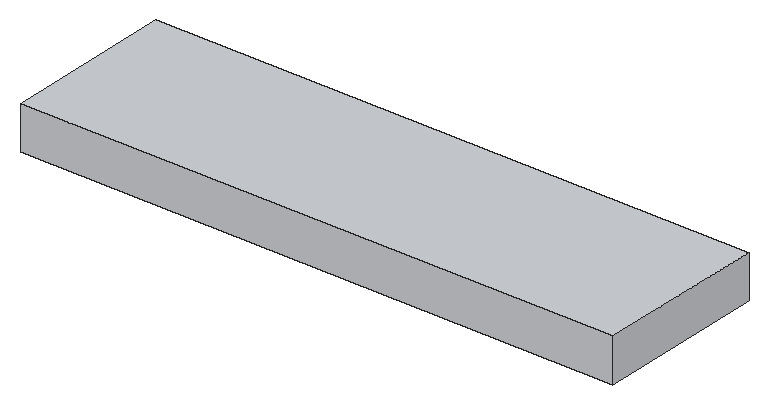
Revit family "1930_ TUPEX ELECTRIC_MEGAL", category Lighting Fixtures, host Face, Revit 2016
Family settings
  Host = Face
  Part Type = Normal
  Round Connector Dimension = Use Diameter
  Cut with Voids When Loaded = No
  Light Source = Yes
  Shared = No
  Room Calculation Point = Yes
Parameters
  Wattage = 106 W
  built-in parameter 1150110 = 1 (stored number, unit not read)
  built-in parameter 1114217 = 1 (stored number, unit not read)
  Tilt Angle = 90.00°
  built-in parameter 1150109 = 1 (stored number, unit not read)
  built-in parameter 1150134 = 3
  built-in parameter 1150113 = 1 (stored number, unit not read)
  Photometric Web File = "1929.IES"
  built-in parameter 1150105 = 1197.8 (stored number, unit not read)
  Lumens = 15052 lm
  built-in parameter 1150115 = 1 (stored number, unit not read)
  built-in parameter 1150137 = (empty or 0)
  built-in parameter 1150139 = (empty or 0)
  built-in parameter 1150112 = 1 (stored number, unit not read)
  built-in parameter 1150114 = 1 (stored number, unit not read)
  built-in parameter 1150132 = (empty or 0)
  built-in parameter 1150102 = (empty or 0)
  built-in parameter 1150107 = 3200 (stored number, unit not read)
  built-in parameter 1150138 = (empty or 0)
  built-in parameter 1150106 = 11.978 (stored number, unit not read)
  built-in parameter 1150104 = 13.192 (stored number, unit not read)
  Dimming Lamp Color Temperature Shift = (empty or 0)
  Default Elevation = 1219.2 mm
  Color Filter = 16777215
  built-in parameter 1114218 = 1 (stored number, unit not read)
  built-in parameter 1150133 = 10 (stored number, unit not read)
Reference planes
  plane 1 "Center (Front/Back)": y = 0
  plane 2: z = 0
  plane 3 "Center (Left/Right)": x = 0
Forms (mm)
  Extrusion 1, solid
    sketch origin (0, 0, 0) x (1, 0, 0) y (0, 1, 0)
      loop
        line (1220, 0) -> (0, 0) -> (0, -350) -> (1220, -350) -> (1220, 0)
    from -90 to 0
Lines and regions (mm)
  reference lines
    curve 1: line (650, 1524, 0) -> (650, -1524, 0)
    curve 2: line (1524, -190, 0) -> (-1524, -190, 0)
    curve 3: line (1524, 0, -90) -> (-1524, 0, -90)
    curve 4: line (1524, -350, 0) -> (-1524, -350, 0)
    curve 5: line (1220, 1524, 0) -> (1220, -1524, 0)
Dimensions and locks
  aligned and locked: host face to plane 2
  aligned and locked: host face to level
Connectors
  electrical at (610, -175, 0)
    settings: on Extrusion 1, index 1, voltage 220 V, apparent load 0 VA, apparent load phase1 106 VA, apparent load phase2 0 VA, apparent load phase3 0 VA, power factor 1, load classification "Other", number of poles 1, system type 31, power factor state 1, is connector primary yes, connector utility no, sub classification motor no, connector description ""
